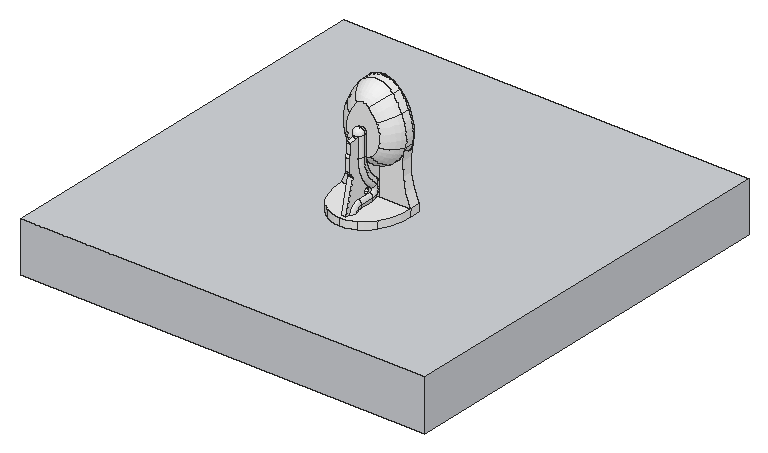
Revit family
Parameters (values of type "Vitreous_China-0-White")
  Width = 1' - 4 1/2"
  Waste Connection = yes
  Valve Pressure Drop = 0.00 psi
  URL = "http://www.us.kohler.com"
  Top of Toilet to Finished Floor = 1' - 3"
  Spud = Chrome-Kohler-CP-Polished
  Seat = "Order Separately"  # constant formula
  Sanitary Radius = 1 1/4"
  Sanitary Diameter = Sanitary Radius * 2  # 2 1/2"
  Sanitary Connector = "Sanitary Connection"  # constant formula
  Product Page URL = "http://www.us.kohler.com/onlinecatalog/detail.jsp?prod_num=4323"
  Product Documentation Link = "http://www.us.kohler.com/onlinecatalog/pdf/1119268_4.pdf"
  Model = "K-4323"  # constant formula
  Manufacturer = "Kohler"  # constant formula
  Length = 2' - 2 1/2"
  Height = 1' - 1 1/4"
  Flush Rate = 1.28 GPM
  Finish = Vitreous_China-Kohler-0-White
  Description = "Kingston™ 1.28 Toilet Bowl with Rear Spud\r\n"  # constant formula
  Default Elevation = 0' - 0"
  Created By = "http://www.medialab3dstudio.com/"
  Cold Water Radius = 3/4"
  Cold Water Diameter = Cold Water Radius * 2  # 1 1/2"
  Cold Water Connector = "Cold Water Connector"  # constant formula
  CWFU = 0
  CW Connection = yes
  Assembly Code = "D2010110"
  Actual Valve Water Flow = 0 GPM
  ADA Compliant = yes
Types (7): name | Finish
  (no name) | Vitreous_China-Kohler-0-White
  Vitreous_China-0-White | Vitreous_China-Kohler-0-White
  Vitreous_China-7-Black_Black | Vitreous_China-Kohler-7-Black_Black
  Vitreous_China-33-Mexican_Sand | Vitreous_China-Kohler-33-Mexican_Sand
  Vitreous_China-47-Almond | Vitreous_China-Kohler-47-Almond
  Vitreous_China-96-Biscuit | Vitreous_China-Kohler-96-Biscuit
  Vitreous_China-G9-Sandbar | Vitreous_China-Kohler-G9-Sandbar
Reference planes (in)
  plane 1 "Top": y = 0
  plane 2 "Back": z = 0
  plane 3 "Center (Left/Right)": x = 0
  plane 4 "Left": x = -8.25
  plane 5 "Right": x = 8.25
  plane 6 "Center (Top/Bottom)": y = -6.625
  plane 7 "Bottom of Toilet": y = -13.25
  plane 8 "Front": z = 26.5625
  plane 9 "Center (Front/Back)": z = 13.3125
  plane 10 "Toilet Offset": z = 0.0625
  plane 11: y = -6.28121
  plane 12: y = -6.14168
  plane 13: z = 23.3296
  plane 14: z = 20.39426
  plane 15: z = 14.67575
  plane 16: z = 11.23743
  plane 17: x = -2.30359
  plane 18: x = 2.30359
  plane 19: x = -4.20983
  plane 20: x = 4.20983
  plane 21: x = -4.81086
  plane 22: x = 4.81086
  plane 23: x = -2.31278
  plane 24: x = 2.31278
  plane 25: z = 14.24386
  plane 26: z = 1.6875
  plane 27: y = -2.30334
  plane 28: y = 1.71956
  plane 29: x = -1
  plane 30: x = -0.5
  plane 31: x = 0.5
  plane 32: x = 1
  plane 33: y = 0.71956
  plane 34: y = 1.21956
  plane 35: y = 2.21956
  plane 36: y = 2.71956
  plane 37: z = -0.79878
  plane 38: z = -1.39323
  plane 39: z = -1.92448
  plane 40: x = -2.09693
  plane 41: y = 1.54122
  plane 42: x = -0.5
  plane 43: x = 0.5
  plane 44: y = -7.48796
  plane 45: z = 17.22993
  plane 46: y = -12.3124
  plane 47: x = -6.27859
  plane 48: x = -3.62694
  plane 49: x = 3.62694
  plane 50: x = 6.27859
  plane 51: y = -9.66075
  plane 52: x = 6.72668
  plane 53: x = -6.72668
  plane 54: y = 3.62878
  plane 55: z = 9.08201
  plane 56: z = 8.5634
  plane 57: z = 9.86879
  plane 58: z = 10.33642
  plane 59: z = 13.98218
  plane 60: z = 16.39735
  plane 61: z = 16.49937
  plane 62: z = 17.22993
  plane 63: z = 11.78462
  plane 64: y = -5.87419
  plane 65: z = 4.40794
  plane 66: y = -12.1155
  plane 67: y = -10.10687
  plane 68: y = -10.2456
  plane 69: y = -10.42442
  plane 70: y = -10.89667
  plane 71: y = -10.51003
  plane 72: z = 1.1875
  plane 73: z = 2.6875
  plane 74: z = 5.36778
  plane 75: z = 12.65074
  plane 76: y = -7.48796
  plane 77: y = -3.88771
  plane 78: y = -5.12344
  plane 79: y = -8.5
  plane 80: y = -10
  plane 81: y = -10
  plane 82: z = 17.22993
  plane 83: y = -8.73796
  plane 84: y = -6.23796
  plane 85: x = -1.25
  plane 86: x = 1.25
  plane 87: x = 1
  plane 88: x = 0.75
  plane 89: x = -0.75
  plane 90: x = -1
  plane 91: x = -1.25
  plane 92: x = -0.32597
  plane 93: x = 0.32597
  plane 94: z = 2.14995
  plane 95: z = 26.46032
  plane 96: z = 23.23909
  plane 97: z = 17.5559
  plane 98: z = 16.49937
  plane 99: z = 16.39735
  plane 100: z = 26.222
  plane 101: x = -6.86529
  plane 102: x = -7.22069
  plane 103: x = -7.11861
  plane 104: x = -3.89721
  plane 105: x = 3.89721
  plane 106: x = 7.11861
  plane 107: x = 7.22069
  plane 108: x = 6.86529
  plane 109: y = -0.3554
  plane 110: y = 0.46956
  plane 111: y = 0.71956
  plane 112: y = 0.96956
  plane 113: y = 2.46956
  plane 114: y = 2.71956
  plane 115: y = 2.96956
  plane 116 "Bottom": y = -15
Forms (in)
  Extrusion 1, solid
    sketch origin (0, 0, 0) x (1, 0, 0) y (0, 1, 0)
      loop
        line (-48, 48) -> (-48, -48) -> (48, -48) -> (48, 48) -> (-48, 48)
    from 0 to -12
  Sweep 2, solid, material "Vitreous_China-Kohler-0-White" <- "Finish"
    path origin (0, 0, -0.29434) x (1, 0, 0) y (0, 0, 1)
      loop
        arc (4.81086, 14.9701) -> (4.98123, 17.87884) -> (4.20983, 20.6886) r 8.96533
        arc (4.20983, 20.6886) -> (3.36315, 22.22539) -> (2.30359, 23.62395) r 12.12865
        arc (2.30359, 23.62395) -> (0, 24.66657) -> (-2.30359, 23.62395) r 3.06609
        arc (-2.30359, 23.62395) -> (-3.36315, 22.22539) -> (-4.20983, 20.6886) r 12.12865
        arc (-4.20983, 20.6886) -> (-4.98123, 17.87884) -> (-4.81086, 14.9701) r 8.96533
        arc (-4.81086, 14.9701) -> (-3.91621, 12.99345) -> (-2.31278, 11.53178) r 5.37321
        arc (-2.31278, 11.53178) -> (0, 10.89681) -> (2.31278, 11.53178) r 4.5295
        arc (2.31278, 11.53178) -> (3.91621, 12.99345) -> (4.81086, 14.9701) r 5.37321
    profile origin (4.98123, 0, 17.5845) x (-0.994522, 0, -0.104528) y (0, -1, 0)
      loop
        line (-1.83672, 0) -> (-0.46172, 0)
        arc (-0.46172, 0) -> (-0.37333, 0.03661) -> (-0.33672, 0.125) r 0.125
        line (-0.33672, 0.125) -> (-0.33672, 0.5) -> (-0.46172, 0.5) -> (-0.46172, 0.1243) -> (-1.83685, 0.1243)
        arc (-1.83685, 0.1243) -> (-1.99817, 0.19112) -> (-2.06499, 0.35244) r 0.22814
        line (-2.06499, 0.35244) -> (-1.96389, 2.28462)
        arc (-1.96389, 2.28462) -> (-0.83518, 4.55024) -> (1.13314, 6.14168) r 5.95017
        line (1.13314, 6.14168) -> (1.13314, 6.28121)
        arc (1.13314, 6.28121) -> (-0.91686, 4.64808) -> (-2.08808, 2.30334) r 6.07517
        line (-2.08808, 2.30334) -> (-2.19027, 0.35355)
        arc (-2.19027, 0.35355) -> (-2.08672, 0.10355) -> (-1.83672, 0) r 0.35355
  Extrusion 3, solid, material "Vitreous_China-Kohler-0-White" <- "Finish"
    sketch origin (0, 0, 0) x (1, 0, 0) y (0, 0, 1)
      loop
        arc (-1.45225, 22.58179) -> (-2.41282, 21.3139) -> (-3.18039, 19.92068) r 10.99551
        arc (-3.18039, 19.92068) -> (-3.8543, 17.46605) -> (-3.70547, 14.92495) r 7.83219
        arc (-3.70547, 14.92495) -> (-2.99949, 13.36515) -> (-1.73419, 12.21172) r 4.24007
        arc (-1.73419, 12.21172) -> (0, 11.73561) -> (1.73419, 12.21172) r 3.39636
        arc (1.73419, 12.21172) -> (2.99949, 13.36515) -> (3.70547, 14.92495) r 4.24007
        arc (3.70547, 14.92495) -> (3.8543, 17.46605) -> (3.18039, 19.92068) r 7.83219
        arc (3.18039, 19.92068) -> (2.41282, 21.3139) -> (1.45225, 22.58179) r 10.99551
        arc (1.45225, 22.58179) -> (0, 23.23909) -> (-1.45225, 22.58179) r 1.93296
    from 6.14168 to 6.28121
  Extrusion 4, solid, material "Vitreous_China-Kohler-0-White" <- "Finish"
    sketch origin (0, 0, 0) x (1, 0, 0) y (0, 0, 1)
      loop
        arc (3.31555, 9.54884) -> (0, 8.63858) -> (-3.31555, 9.54884) r 6.49339
        arc (-3.31555, 9.54884) -> (-5.50504, 11.54476) -> (-6.72668, 14.24386) r 7.3371
        arc (-6.72668, 14.24386) -> (-6.40271, 7.83398) -> (-8.25, 1.6875) r 18.8332
        line (-8.25, 1.6875) -> (-8.25, 0.0625) -> (8.25, 0.0625) -> (8.25, 1.6875)
        arc (8.25, 1.6875) -> (6.40271, 7.83398) -> (6.72668, 14.24386) r 18.8332
        arc (6.72668, 14.24386) -> (5.50504, 11.54476) -> (3.31555, 9.54884) r 7.3371
    from 0 to 2.30334
  Extrusion 5, solid, material "Vitreous_China-Kohler-0-White" <- "Finish"
    sketch origin (0, 0, 0) x (1, 0, 0) y (0, 1, 0)
      loop
        arc (-8.25, -2.30334) -> (-7.7394, -6.10935) -> (-6.27859, -9.66075) r 14.99019
        arc (-6.27859, -9.66075) -> (-5.13063, -11.16444) -> (-3.62694, -12.3124) r 7.11394
        arc (-3.62694, -12.3124) -> (-1.87308, -13.01181) -> (0, -13.25) r 7.48388
        arc (0, -13.25) -> (1.87308, -13.01181) -> (3.62694, -12.3124) r 7.48388
        arc (3.62694, -12.3124) -> (5.13063, -11.16444) -> (6.27859, -9.66075) r 7.11394
        arc (6.27859, -9.66075) -> (7.7394, -6.10935) -> (8.25, -2.30334) r 14.99019
        line (8.25, -2.30334) -> (-8.25, -2.30334)
    from 0.0625 to 1.6875
  Extrusion 6, solid, material "Chrome-Kohler-CP-Polished" <- "Spud"
    sketch origin (0, 0, 0) x (1, 0, 0) y (0, 1, 0)
      loop
        arc (-0.75, 1.71956) -> (-0.53033, 1.18923) -> (0, 0.96956) r 0.75
        arc (0, 0.96956) -> (0.53033, 1.18923) -> (0.75, 1.71956) r 0.75
        arc (0.75, 1.71956) -> (0.53033, 2.24989) -> (0, 2.46956) r 0.75
        arc (0, 2.46956) -> (-0.53033, 2.24989) -> (-0.75, 1.71956) r 0.75
    from -1.92448 to -1.39323
  Extrusion 7, solid, material "Chrome-Kohler-CP-Polished" <- "Spud"
    sketch origin (0, 0, 0) x (1, 0, 0) y (0, 1, 0)
      loop
        line (0.5, 2.71956) -> (-0.5, 2.71956) -> (-1, 2.21956) -> (-1, 1.21956) -> (-0.5, 0.71956) -> (0.5, 0.71956) -> (1, 1.21956) -> (1, 2.21956) -> (0.5, 2.71956)
    from -1.39323 to -0.79878
  Extrusion 8, solid, material "Chrome-Kohler-CP-Polished" <- "Spud"
    sketch origin (0, 0, 0) x (1, 0, 0) y (0, 1, 0)
      loop
        arc (-1.25, 1.71956) -> (-0.88388, 0.83568) -> (0, 0.46956) r 1.25
        arc (0, 0.46956) -> (0.88388, 0.83568) -> (1.25, 1.71956) r 1.25
        arc (1.25, 1.71956) -> (0.88388, 2.60344) -> (0, 2.96956) r 1.25
        arc (0, 2.96956) -> (-0.88388, 2.60344) -> (-1.25, 1.71956) r 1.25
    from -0.79878 to 0.0625
  Revolve 9, solid, material "Vitreous_China-Kohler-0-White" <- "Finish"
    sketch origin (0, 0, 0.0625) x (1, 0, 0) y (0, 1, 0)
      loop
        line (0, 0) -> (0, 3.62878)
        arc (0, 3.62878) -> (-1.48218, 3.02066) -> (-2.09693, 1.54122) r 2.08758
        line (-2.09693, 1.54122) -> (-2.09693, 0) -> (0, 0)
      axis (0, 3.62878) -> (0, 0)
    angle from 0 to -180
  Extrusion 10, solid, material "Vitreous_China-Kohler-0-White" <- "Finish"
    sketch origin (0, 0, 0) x (0, 1, 0) y (0, 0, 1)
      loop
        line (-12.1155, 1.6875) -> (-2.30334, 1.6875) -> (-2.30334, 8.5634)
        arc (-2.30334, 8.5634) -> (-4.64024, 9.7443) -> (-6.28121, 11.78462) r 6.19947
        line (-6.28121, 11.78462) -> (-6.28121, 17.22993) -> (-10.42442, 16.49937)
        arc (-10.42442, 16.49937) -> (-10.48579, 16.46393) -> (-10.51003, 16.39735) r 0.10359
        line (-10.51003, 16.39735) -> (-10.51003, 13.98218)
        arc (-10.51003, 13.98218) -> (-10.7933, 13.69927) -> (-10.89667, 13.3125) r 0.77158
        line (-10.89667, 13.3125) -> (-10.89667, 10.33642)
        arc (-10.89667, 10.33642) -> (-10.7597, 10.00576) -> (-10.42904, 9.86879) r 0.46763
        line (-10.42904, 9.86879) -> (-10.2456, 9.86879)
        arc (-10.2456, 9.86879) -> (-10.1998, 9.47125) -> (-10.10687, 9.08201) r 3.3458
        line (-10.10687, 9.08201) -> (-12.1155, 1.6875)
      loop
        arc (-6.62419, 4.40794) -> (-6.40452, 3.87761) -> (-5.87419, 3.65794) r 0.75
        arc (-5.87419, 3.65794) -> (-5.34386, 3.87761) -> (-5.12419, 4.40794) r 0.75
        arc (-5.12419, 4.40794) -> (-5.34386, 4.93827) -> (-5.87419, 5.15794) r 0.75
        arc (-5.87419, 5.15794) -> (-6.40452, 4.93827) -> (-6.62419, 4.40794) r 0.75
    from -0.5 to 0.5
  Sweep 11, solid, material "Vitreous_China-Kohler-0-White" <- "Finish"
    path origin (0, 0, 0) x (0, 1, 0) y (0, 0, 1)
      loop
        line (-10, 0) -> (-10, 1.1875)
        arc (-10, 1.1875) -> (-9.56066, 2.24816) -> (-8.5, 2.6875) r 1.5
        line (-8.5, 2.6875) -> (-5.12344, 2.6875)
        arc (-5.12344, 2.6875) -> (-3.64773, 3.63213) -> (-3.88771, 5.36778) r 1.625
        arc (-3.88771, 5.36778) -> (-6.53875, 8.58862) -> (-7.48796, 12.65074) r 9.16651
        line (-7.48796, 12.65074) -> (-7.48796, 17.22993)
    profile origin (0, -10, 0.59375) x (0, -1, 0) y (1, 0, 0)
      loop
        arc (0, -1.25) -> (0.88388, -0.88388) -> (1.25, 0) r 1.25
        arc (1.25, 0) -> (0.88388, 0.88388) -> (0, 1.25) r 1.25
        arc (0, 1.25) -> (-0.88388, 0.88388) -> (-1.25, 0) r 1.25
        arc (-1.25, 0) -> (-0.88388, -0.88388) -> (0, -1.25) r 1.25
  Revolve 12, solid, material "Vitreous_China-Kohler-0-White" <- "Finish"
    sketch origin (0, 0, 17.22993) x (1, 0, 0) y (0, 1, 0)
      loop
        arc (0, -6.23796) -> (-0.88388, -6.60408) -> (-1.25, -7.48796) r 1.25
        arc (-1.25, -7.48796) -> (-0.88388, -8.37184) -> (0, -8.73796) r 1.25
        line (0, -8.73796) -> (0, -6.23796)
      axis (0, -6.23796) -> (0, -8.73796)
    angle from 0 to -180
Cuts and joins
  joined: Sweep 2, Extrusion 3
Lines and regions (in)
  Masking region 1, detail levels coarse
    outline origin (0, 0, 0) x (1, 0, 0) y (0, 0, 1)
      loop
        line (8.25, 26.5625) -> (-8.25, 26.5625) -> (-8.25, 0.0625) -> (8.25, 0.0625) -> (8.25, 26.5625)
  Masking region 2, detail levels medium+fine
    outline origin (0, -6.625, 0) x (1, 0, 0) y (0, 0, 1)
      loop
        arc (5.99398, 21.21503) -> (5.01021, 23.00066) -> (3.77908, 24.62567) r 14.09254
        arc (3.77908, 24.62567) -> (0, 26.33612) -> (-3.77908, 24.62567) r 5.02999
        arc (-3.77908, 24.62567) -> (-5.01021, 23.00066) -> (-5.99398, 21.21503) r 14.09254
        arc (-5.99398, 21.21503) -> (-6.93437, 17.78978) -> (-6.72668, 14.24386) r 10.92922
        arc (-6.72668, 14.24386) -> (-6.40271, 7.83398) -> (-8.25, 1.6875) r 18.8332
        line (-8.25, 1.6875) -> (-8.25, 0.0625) -> (-1.25, 0.0625) -> (-1.25, -0.79878) -> (-1, -0.79878) -> (-1, -1.39323) -> (-0.75, -1.39323) -> (-0.75, -1.92448) -> (0.75, -1.92448) -> (0.75, -1.39323) -> (1, -1.39323) -> (1, -0.79878) -> (1.25, -0.79878) -> (1.25, 0.0625) -> (8.25, 0.0625) -> (8.25, 1.6875)
        arc (8.25, 1.6875) -> (6.40271, 7.83398) -> (6.72668, 14.24386) r 18.8332
        arc (6.72668, 14.24386) -> (6.93437, 17.78978) -> (5.99398, 21.21503) r 10.92922
  Masking region 3, detail levels fine
    outline origin (0, 0, 0) x (1, 0, 0) y (0, 0, 1)
      loop
        arc (4.51572, 20.53498) -> (3.64554, 22.11444) -> (2.55657, 23.55182) r 12.46536
        arc (2.55657, 23.55182) -> (0, 24.70895) -> (-2.55657, 23.55182) r 3.40281
        arc (-2.55657, 23.55182) -> (-3.64554, 22.11444) -> (-4.51572, 20.53498) r 12.46536
        arc (-4.51572, 20.53498) -> (-5.3161, 17.61969) -> (-5.13934, 14.60171) r 9.30205
        arc (-5.13934, 14.60171) -> (-4.18862, 12.50119) -> (-2.48471, 10.94792) r 5.70992
        arc (-2.48471, 10.94792) -> (0, 10.26575) -> (2.48471, 10.94792) r 4.86621
        arc (2.48471, 10.94792) -> (4.18862, 12.50119) -> (5.13934, 14.60171) r 5.70992
        arc (5.13934, 14.60171) -> (5.3161, 17.61969) -> (4.51572, 20.53498) r 9.30205
  Masking region 4, detail levels fine
    outline origin (0, 0, 0) x (1, 0, 0) y (0, 0, 1)
      loop
        arc (1.45225, 22.58179) -> (0, 23.23909) -> (-1.45225, 22.58179) r 1.93296
        arc (-1.45225, 22.58179) -> (-2.41282, 21.3139) -> (-3.18039, 19.92068) r 10.99551
        arc (-3.18039, 19.92068) -> (-3.8543, 17.46605) -> (-3.70547, 14.92495) r 7.83219
        arc (-3.70547, 14.92495) -> (-2.99949, 13.36515) -> (-1.73419, 12.21172) r 4.24007
        arc (-1.73419, 12.21172) -> (0, 11.73561) -> (1.73419, 12.21172) r 3.39636
        arc (1.73419, 12.21172) -> (2.99949, 13.36515) -> (3.70547, 14.92495) r 4.24007
        arc (3.70547, 14.92495) -> (3.8543, 17.46605) -> (3.18039, 19.92068) r 7.83219
        arc (3.18039, 19.92068) -> (2.41282, 21.3139) -> (1.45225, 22.58179) r 10.99551
  Masking region 5, detail levels coarse
    outline origin (0, 0, 0) x (1, 0, 0) y (0, 1, 0)
      loop
        line (-8.25, 0) -> (-8.25, -13.25) -> (8.25, -13.25) -> (8.25, 0) -> (-8.25, 0)
  Masking region 6, detail levels medium+fine
    outline origin (0, 0, 13.3125) x (-1, 0, 0) y (0, -1, 0)
      loop
        arc (6.27859, 9.66075) -> (5.13063, 11.16444) -> (3.62694, 12.3124) r 7.11394
        arc (3.62694, 12.3124) -> (1.87308, 13.01181) -> (0, 13.25) r 7.48388
        arc (0, 13.25) -> (-1.87308, 13.01181) -> (-3.62694, 12.3124) r 7.48388
        arc (-3.62694, 12.3124) -> (-5.13063, 11.16444) -> (-6.27859, 9.66075) r 7.11394
        arc (-6.27859, 9.66075) -> (-7.7394, 6.10935) -> (-8.25, 2.30334) r 14.99019
        line (-8.25, 2.30334) -> (-8.25, 0) -> (-2.09693, 0) -> (-2.09693, -1.54122)
        arc (-2.09693, -1.54122) -> (-1.48218, -3.02066) -> (0, -3.62878) r 2.08758
        arc (0, -3.62878) -> (1.48218, -3.02066) -> (2.09693, -1.54122) r 2.08758
        line (2.09693, -1.54122) -> (2.09693, 0) -> (8.25, 0) -> (8.25, 2.30334)
        arc (8.25, 2.30334) -> (7.7394, 6.10935) -> (6.27859, 9.66075) r 14.99019
  Masking region 7, detail levels fine
    outline origin (0, 0, 26.5625) x (-1, 0, 0) y (0, -1, 0)
      loop
        line (7.22069, 0.3554) -> (7.11861, 2.30334)
        arc (7.11861, 2.30334) -> (5.94543, 4.6466) -> (3.89721, 6.28121) r 6.09873
        line (3.89721, 6.28121) -> (-3.89721, 6.28121)
        arc (-3.89721, 6.28121) -> (-5.94543, 4.6466) -> (-7.11861, 2.30334) r 6.09873
        line (-7.11861, 2.30334) -> (-7.22069, 0.3554)
        arc (-7.22069, 0.3554) -> (-7.1166, 0.10409) -> (-6.86529, 0) r 0.3554
        line (-6.86529, 0) -> (6.86529, 0)
        arc (6.86529, 0) -> (7.1166, 0.10409) -> (7.22069, 0.3554) r 0.3554
  Masking region 8, detail levels fine
    outline origin (0, 0, 26.5625) x (-1, 0, 0) y (0, -1, 0)
      loop
        arc (0, 8.73796) -> (-0.88388, 8.37184) -> (-1.25, 7.48796) r 1.25
        arc (-1.25, 7.48796) -> (-0.99246, 6.72802) -> (-0.32597, 6.28121) r 1.25
        line (-0.32597, 6.28121) -> (0.32597, 6.28121)
        arc (0.32597, 6.28121) -> (0.99246, 6.72802) -> (1.25, 7.48796) r 1.25
        arc (1.25, 7.48796) -> (0.88388, 8.37184) -> (0, 8.73796) r 1.25
  Masking region 9, detail levels fine
    outline origin (0, 0, 0) x (1, 0, 0) y (0, 1, 0)
      loop
        arc (-0.75, 1.71956) -> (-0.53033, 1.18923) -> (0, 0.96956) r 0.75
        arc (0, 0.96956) -> (0.53033, 1.18923) -> (0.75, 1.71956) r 0.75
        arc (0.75, 1.71956) -> (0.53033, 2.24989) -> (0, 2.46956) r 0.75
        arc (0, 2.46956) -> (-0.53033, 2.24989) -> (-0.75, 1.71956) r 0.75
  Masking region 10, detail levels fine
    outline origin (0, 0, 0) x (1, 0, 0) y (0, 1, 0)
      loop
        line (-1, 2.21956) -> (-1, 1.21956) -> (-0.5, 0.71956) -> (0.5, 0.71956) -> (1, 1.21956) -> (1, 2.21956) -> (0.5, 2.71956) -> (-0.5, 2.71956) -> (-1, 2.21956)
  Masking region 11, detail levels fine
    outline origin (0, 0, 0) x (1, 0, 0) y (0, 1, 0)
      loop
        arc (0, 2.96956) -> (-0.88388, 2.60344) -> (-1.25, 1.71956) r 1.25
        arc (-1.25, 1.71956) -> (-0.88388, 0.83568) -> (0, 0.46956) r 1.25
        arc (0, 0.46956) -> (0.88388, 0.83568) -> (1.25, 1.71956) r 1.25
        arc (1.25, 1.71956) -> (0.88388, 2.60344) -> (0, 2.96956) r 1.25
  Masking region 12, detail levels medium+fine
    outline origin (0, 0, 0) x (0, 1, 0) y (0, 0, 1)
      loop
        arc (-10.2456, 9.86879) -> (-10.1998, 9.47125) -> (-10.10687, 9.08201) r 3.3458
        line (-10.10687, 9.08201) -> (-12.1155, 1.6875) -> (-13.25, 1.6875) -> (-13.25, 0.0625) -> (0.46956, 0.0625) -> (0.46956, -0.79878) -> (0.71956, -0.79878) -> (0.71956, -1.39323) -> (0.96956, -1.39323) -> (0.96956, -1.92448) -> (2.46956, -1.92448) -> (2.46956, -1.39323) -> (2.71956, -1.39323) -> (2.71956, -0.79878) -> (2.96956, -0.79878) -> (2.96956, 0.0625) -> (3.6288, 0.0625)
        arc (3.6288, 0.0625) -> (3.08703, 1.48383) -> (1.71956, 2.14995) r 2.06766
        line (1.71956, 2.14995) -> (0, 2.14995) -> (0, 26.222)
        arc (0, 26.222) -> (-0.10437, 26.46743) -> (-0.35355, 26.5625) r 0.34074
        line (-0.35355, 26.5625) -> (-2.30334, 26.46032)
        arc (-2.30334, 26.46032) -> (-4.64733, 25.28816) -> (-6.28121, 23.23909) r 6.0869
        line (-6.28121, 23.23909) -> (-6.28121, 17.5559)
        arc (-6.28121, 17.5559) -> (-7.65238, 18.46907) -> (-8.73796, 17.22993) r 1.25
        line (-8.73796, 17.22993) -> (-8.73796, 16.79674) -> (-10.42442, 16.49937)
        arc (-10.42442, 16.49937) -> (-10.48579, 16.46393) -> (-10.51003, 16.39735) r 0.10359
        line (-10.51003, 16.39735) -> (-10.51003, 13.98218)
        arc (-10.51003, 13.98218) -> (-10.7933, 13.69927) -> (-10.89667, 13.3125) r 0.77158
        line (-10.89667, 13.3125) -> (-10.89667, 10.33642)
        arc (-10.89667, 10.33642) -> (-10.7597, 10.00576) -> (-10.42904, 9.86879) r 0.46763
        line (-10.42904, 9.86879) -> (-10.2456, 9.86879)
  Masking region 13, detail levels coarse
    outline origin (0, 0, 0) x (0, 1, 0) y (0, 0, 1)
      loop
        line (-13.25, 26.5625) -> (-13.25, 0.0625) -> (0, 0.0625) -> (0, 26.5625) -> (-13.25, 26.5625)
  Masking region 14, detail levels fine
    outline origin (0, 0, 0) x (1, 0, 0) y (0, 0, 1)
      loop
        arc (2.09693, 0.0625) -> (0, 2.15943) -> (-2.09693, 0.0625) r 2.09693
        line (-2.09693, 0.0625) -> (2.09693, 0.0625)
  Masking region 15, detail levels fine
    outline origin (0, 0, 0) x (1, 0, 0) y (0, 1, 0)
      loop
        arc (-1.25, -10) -> (-0.88388, -10.88388) -> (0, -11.25) r 1.25
        arc (0, -11.25) -> (0.88388, -10.88388) -> (1.25, -10) r 1.25
        arc (1.25, -10) -> (0.88388, -9.11612) -> (0, -8.75) r 1.25
        arc (0, -8.75) -> (-0.88388, -9.11612) -> (-1.25, -10) r 1.25
  symbolic lines, style "Masking Lines", detail levels fine
    curve 1: line (-1, 0, -0.79878) -> (1, 0, -0.79878)
    curve 2: line (-0.75, 0, -1.39323) -> (0.75, 0, -1.39323)
    curve 3: line (0.5, 0, -1.39323) -> (0.5, 0, -0.79878)
    curve 4: line (-0.5, 0, -1.39323) -> (-0.5, 0, -0.79878)
    curve 5: line (-1.25, 0, 0) -> (1.25, 0, 0)
    curve 6: line (-0.5, -8.63361, 26.5625) -> (-0.5, -12.1155, 26.5625)
    curve 7: line (-0.5, -12.1155, 26.5625) -> (0.5, -12.1155, 26.5625)
    curve 8: line (0.5, -12.1155, 26.5625) -> (0.5, -8.63361, 26.5625)
    curve 9: line (0.5, -10.51003, 26.5625) -> (-0.5, -10.51003, 26.5625)
    curve 10: line (0.5, -10.89667, 26.5625) -> (-0.5, -10.89667, 26.5625)
    curve 11: line (-0.5, -6.28121, 26.5625) -> (-0.5, -6.35356, 26.5625)
    curve 12: line (0.5, -6.28121, 26.5625) -> (0.5, -6.35363, 26.5625)
    curve 13: line (-1.25, 0, 0.0625) -> (1.25, 0, 0.0625)
    curve 14: arc (-0.5, -11.14564, 26.5625) -> (-1.04583, -10.68465, 26.5625) -> (-1.25, -10, 26.5625) r 1.25
    curve 15: arc (1.25, -10, 26.5625) -> (1.04583, -10.68465, 26.5625) -> (0.5, -11.14564, 26.5625) r 1.25
    curve 16: line (-1.25, -6.28121, 26.5625) -> (-1.25, -10, 26.5625)
    curve 17: line (1.25, -6.28121, 26.5625) -> (1.25, -10, 26.5625)
    curve 18: line (0, -12.1155, 1.6875) -> (0, -2.30334, 1.6875)
    curve 19: arc (0, -11.19895, 1.6875) -> (0, -10.30593, 3.26807) -> (0, -8.61646, 3.93243) r 2.71475
    curve 20: line (0, -8.61646, 3.93243) -> (0, -5.11646, 3.93243)
    curve 21: arc (0, -5.11646, 3.93243) -> (0, -4.80004, 4.10837) -> (0, -4.78253, 4.46999) r 0.3725
    curve 22: line (0, -8.73796, 16.79674) -> (0, -8.73796, 12.47176)
    curve 23: arc (0, -8.73796, 12.47176) -> (0, -7.69511, 8.00875) -> (0, -4.78253, 4.46999) r 10.07145
    curve 24: line (0, -6.28121, 17.5559) -> (0, -6.28121, 11.73561)
    curve 25: arc (0, -6.28121, 11.73561) -> (0, -4.64808, 9.68561) -> (0, -2.30334, 8.51439) r 6.07515
    curve 26: line (0, -2.30334, 26.46032) -> (0, -2.30334, 0.0625)
    curve 27: arc (0, -6.14168, 11.46769) -> (0, -5.11484, 8.56795) -> (0, -3.04163, 6.29535) r 7.75699
    curve 28: arc (0, -3.04163, 6.29535) -> (0, -2.57747, 5.65161) -> (0, -2.30334, 4.90682) r 2.92652
    curve 29: arc (0, -3.94497, 1.6875) -> (0, -2.88776, 2.5097) -> (0, -2.30334, 3.71475) r 2.94843
    curve 30: arc (0, -5.87419, 5.15794) -> (0, -6.40452, 4.93827) -> (0, -6.62419, 4.40794) r 0.75
    curve 31: arc (0, -6.62419, 4.40794) -> (0, -6.58041, 4.15544) -> (0, -6.45418, 3.93243) r 0.75
    curve 32: arc (0, -5.29421, 3.93243) -> (0, -5.16797, 4.15544) -> (0, -5.12419, 4.40794) r 0.75
    curve 33: arc (0, -5.12419, 4.40794) -> (0, -5.34386, 4.93827) -> (0, -5.87419, 5.15794) r 0.75
    curve 34: line (0, 2.96956, 0.0625) -> (0, 0.46956, 0.0625)
    curve 35: line (0, 2.71956, -0.79878) -> (0, 0.71956, -0.79878)
    curve 36: line (0, 0.96956, -1.39323) -> (0, 2.46956, -1.39323)
    curve 37: line (0, 1.21956, -0.79878) -> (0, 1.21956, -1.39323)
    curve 38: line (0, 2.21956, -0.79878) -> (0, 2.21956, -1.39323)
Dimensions and locks (in)
  equal spacing: plane 7 "Bottom of Toilet", plane 6 "Center (Top/Bottom)", plane 1 "Top"
  equal spacing: plane 4 "Left", plane 3 "Center (Left/Right)", plane 5 "Right"
  "Width": plane 4 "Left" to plane 5 "Right"
  "Height": plane 7 "Bottom of Toilet" to plane 1 "Top"
  locked: plane 2 "Back" to plane 10 "Toilet Offset" at 0.0625
  equal spacing: plane 10 "Toilet Offset", plane 9 "Center (Front/Back)", plane 8 "Front"
  "Length": plane 10 "Toilet Offset" to plane 8 "Front"
  plane 4 "Left" to plane 21 to plane 19 to plane 17 = 0' - 3.43914" locked, 0' - 0.60104" locked, 0' - 1 29/32" locked
  plane 18 to plane 20 to plane 22 = 0' - 1 29/32" locked, 0' - 0.60104" locked
  plane 15 to plane 16 to plane 10 "Toilet Offset" = 0' - 3.43832" locked, 0' - 11.17493" locked
  plane 8 "Front" to plane 13 to plane 14 = 0' - 3.2329" locked, 0' - 2.93535" locked
  locked: plane 5 "Right" to plane 24 at 5.93722
  locked: plane 23 to plane 4 "Left" at 5.93722
  plane 10 "Toilet Offset" to plane 25 = 1' - 2.18136"
  locked: plane 10 "Toilet Offset" to plane 26 at 1.625
  locked: plane 1 "Top" to plane 27 at 2.30334
  plane 28 to plane 35 to plane 36 = 0' - 0 1/2" locked, 0' - 0 1/2" locked
  plane 1 "Top" to plane 33 to plane 34 = 0' - 0.71956" locked, 0' - 0 1/2" locked
  plane 31 to plane 32 to plane 5 "Right" = 0' - 0 1/2" locked, 0' - 7 1/4" locked
  plane 4 "Left" to plane 29 to plane 30 = 0' - 7 1/4" locked, 0' - 0 1/2" locked
  locked: plane 28 to plane 1 "Top" at 1.71956  (x2)
  plane 2 "Back" to plane 37 to plane 38 to plane 39 = 0' - 0.79878" locked, 0' - 0.59445" locked, 0' - 0 17/32" locked
  plane 7 "Bottom of Toilet" to plane 46 to plane 51 = 0' - 0.9376" locked, 0' - 2.65165" locked
  plane 4 "Left" to plane 47 to plane 48 = 0' - 1.97141" locked, 0' - 2.65165" locked
  plane 49 to plane 50 to plane 5 "Right" = 0' - 2.65165" locked, 0' - 1.97141" locked
  locked: plane 52 to plane 5 "Right" at 1.52332
  locked: plane 4 "Left" to plane 53 at 1.52332
  locked: plane 40 to plane 3 "Center (Left/Right)" at 2.09693
  plane 1 "Top" to plane 41 to plane 54 = 0' - 1.54122" locked, 0' - 2.08756" locked
  locked: plane 64 to plane 27 at 3.57086
  locked: plane 10 "Toilet Offset" to plane 65 at 4.34544
  plane 10 "Toilet Offset" to plane 56 to plane 55 to plane 57 to plane 58 to plane 63 to plane 59 to plane 60 to plane 61 to plane 62 = 0' - 8.5009" locked, 0' - 0.51862" locked, 0' - 0.78678" locked, 0' - 0.46763" locked, 0' - 1.44819" locked, 0' - 2.19756" locked, 0' - 2.41517" locked, 0' - 0.10202" locked, 0' - 0.73056" locked
  plane 7 "Bottom of Toilet" to plane 66 to plane 70 to plane 71 to plane 69 to plane 68 to plane 67 = 0' - 1.1345" locked, 0' - 1.21883" locked, 0' - 0.38664" locked, 0' - 0.08561" locked, 0' - 0.17883" locked, 0' - 0.13873" locked
  plane 75 to plane 45 to plane 8 "Front" = 0' - 4.57918" locked, 0' - 9.33257" locked
  plane 10 "Toilet Offset" to plane 72 to plane 73 to plane 74 = 0' - 1 1/8" locked, 0' - 1 1/2" locked, 0' - 2.68028" locked
  plane 7 "Bottom of Toilet" to plane 80 to plane 79 to plane 76 = 0' - 3 1/4" locked, 0' - 1 1/2" locked, 0' - 1.01204" locked
  plane 78 to plane 77 to plane 1 "Top" = 0' - 1.23572" locked, 0' - 3.88771" locked
  locked: plane 7 "Bottom of Toilet" to plane 81 at 3.25
  locked: plane 82 to plane 8 "Front" at 9.33257
  locked: plane 85 to plane 3 "Center (Left/Right)" at 1.25
  locked: plane 7 "Bottom of Toilet" to plane 83 at 4.51204
  plane 44 to plane 84 to plane 1 "Top" = 0' - 1 1/4" locked, 0' - 6.23796" locked
  plane 88 to plane 87 to plane 86 to plane 5 "Right" = 0' - 0 1/4" locked, 0' - 0 1/4" locked, 0' - 7" locked
  plane 4 "Left" to plane 91 to plane 90 to plane 89 = 0' - 7" locked, 0' - 0 1/4" locked, 0' - 0 1/4" locked
  locked: plane 4 "Left" to plane 92 at 7.92403
  locked: plane 93 to plane 5 "Right" at 7.92403
  locked: plane 10 "Toilet Offset" to plane 94 at 2.08745
  plane 99 to plane 98 to plane 97 to plane 96 to plane 100 to plane 95 to plane 8 "Front" = 0' - 0.10202" locked, 0' - 1.05653" locked, 0' - 5.6832" locked, 0' - 2.98291" locked, 0' - 0.23831" locked, 0' - 0.10218" locked
  plane 4 "Left" to plane 102 to plane 103 to plane 101 to plane 104 = 0' - 1.02931" locked, 0' - 0.10209" locked, 0' - 0.25331" locked, 0' - 2.96809" locked
  plane 105 to plane 108 to plane 106 to plane 107 to plane 5 "Right" = 0' - 2.96809" locked, 0' - 0.25331" locked, 0' - 0.10209" locked, 0' - 1.02931" locked
  locked: plane 109 to plane 1 "Top" at 0.3554
  plane 7 "Bottom of Toilet" to plane 110 to plane 111 to plane 112 = 1' - 1.71956" locked, 0' - 0 1/4" locked, 0' - 0 1/4" locked
  plane 1 "Top" to plane 113 to plane 114 to plane 115 = 0' - 2.46956" locked, 0' - 0 1/4" locked, 0' - 0 1/4" locked
  "Top of Toilet to Finished Floor": plane 116 "Bottom" to plane 1 "Top"
  aligned and locked: plane 2 "Back" to Extrusion 1
  aligned and locked: level to Extrusion 1
  aligned and locked: Extrusion 3 sketch curve to Sweep 2  (x8)
  aligned and locked: Extrusion 3 to plane 11
  aligned and locked: plane 12 to Extrusion 3
  aligned and locked: plane 21 to Sweep 2 sketch curve  (x2)
  aligned and locked: plane 19 to Sweep 2 sketch curve  (x2)
  aligned and locked: plane 17 to Sweep 2 sketch curve  (x2)
  aligned and locked: plane 23 to Sweep 2 sketch curve
  aligned and locked: plane 24 to Sweep 2 sketch curve
  aligned and locked: plane 16 to Sweep 2 sketch curve  (x2)
  aligned and locked: plane 15 to Sweep 2 sketch curve  (x2)
  aligned and locked: plane 14 to Sweep 2 sketch curve  (x2)
  aligned and locked: plane 13 to Sweep 2 sketch curve  (x2)
  aligned and locked: plane 22 to Sweep 2 sketch curve
  aligned and locked: plane 20 to Sweep 2 sketch curve
  aligned and locked: plane 18 to Sweep 2 sketch curve
  aligned and locked: Extrusion 4 sketch curve to Sweep 2  (x3)
  aligned and locked: Extrusion 5 to plane 26
  aligned and locked: plane 10 "Toilet Offset" to Extrusion 5
  aligned and locked: Extrusion 4 to plane 1 "Top"
  aligned and locked: plane 27 to Extrusion 4
  aligned and locked: plane 3 "Center (Left/Right)" to Extrusion 6 sketch curve  (x2)
  aligned and locked: plane 28 to Extrusion 6 sketch curve  (x2)
  aligned and locked: Extrusion 7 sketch curve to plane 36
  aligned and locked: plane 35 to Extrusion 7 sketch curve  (x2)
  aligned and locked: plane 34 to Extrusion 7 sketch curve  (x2)
  aligned and locked: Extrusion 7 sketch curve to plane 33
  aligned and locked: plane 29 to Extrusion 7 sketch curve
  aligned and locked: plane 30 to Extrusion 7 sketch curve  (x2)
  aligned and locked: plane 31 to Extrusion 7 sketch curve  (x2)
  aligned and locked: plane 32 to Extrusion 7 sketch curve
  aligned and locked: Extrusion 7 to plane 37
  aligned and locked: plane 38 to Extrusion 7
  aligned and locked: Extrusion 6 to plane 38
  aligned and locked: plane 3 "Center (Left/Right)" to Extrusion 8 sketch curve  (x2)
  aligned and locked: plane 28 to Extrusion 8 sketch curve  (x2)
  aligned and locked: plane 37 to Extrusion 8
  aligned and locked: plane 11 to Sweep 2 sketch curve
  aligned and locked: plane 12 to Sweep 2 sketch curve
  aligned and locked: plane 27 to Sweep 2 sketch curve
  aligned and locked: Sweep 2 sketch curve to plane 1 "Top"
  aligned and locked: plane 10 "Toilet Offset" to Extrusion 4
  aligned and locked: plane 40 to Revolve 9 sketch curve
  aligned and locked: plane 41 to Revolve 9 sketch curve
  aligned and locked: Revolve 9 to plane 10 "Toilet Offset"
  aligned and locked: Extrusion 8 to plane 10 "Toilet Offset"
  aligned and locked: Extrusion 10 to plane 42
  aligned and locked: plane 43 to Extrusion 10
  aligned and locked: plane 47 to Extrusion 5 sketch curve
  aligned and locked: plane 50 to Extrusion 5 sketch curve
  aligned and locked: plane 4 "Left" to Extrusion 5 sketch curve
  aligned and locked: plane 5 "Right" to Extrusion 5 sketch curve
  aligned and locked: plane 27 to Extrusion 5 sketch curve  (x2)
  aligned and locked: plane 51 to Extrusion 5 sketch curve  (x2)
  aligned and locked: plane 3 "Center (Left/Right)" to Extrusion 5 sketch curve
  aligned and locked: plane 7 "Bottom of Toilet" to Extrusion 5 sketch curve
  aligned and locked: plane 46 to Extrusion 5 sketch curve  (x2)
  aligned and locked: plane 49 to Extrusion 5 sketch curve
  aligned and locked: plane 48 to Extrusion 5 sketch curve
  aligned and locked: plane 52 to Extrusion 4 sketch curve
  aligned and locked: Extrusion 4 sketch curve to plane 5 "Right"
  aligned and locked: plane 53 to Extrusion 4 sketch curve
  aligned and locked: Extrusion 4 sketch curve to plane 4 "Left"
  aligned and locked: plane 25 to Extrusion 4 sketch curve  (x2)
  aligned and locked: plane 26 to Extrusion 4 sketch curve  (x2)
  aligned and locked: plane 10 "Toilet Offset" to Extrusion 4 sketch curve
  aligned and locked: plane 1 "Top" to Revolve 9
  aligned and locked: plane 54 to Revolve 9 sketch curve
  aligned and locked: plane 3 "Center (Left/Right)" to Revolve 9 sketch curve  (x2)
  aligned and locked: Revolve 9 sketch curve to plane 1 "Top"
  aligned and locked: Revolve 9 sketch curve to plane 40
  aligned and locked: plane 64 to Extrusion 10 sketch curve  (x2)
  aligned and locked: plane 65 to Extrusion 10 sketch curve  (x2)
  aligned and locked: plane 62 to Extrusion 10 sketch curve
  aligned and locked: plane 61 to Extrusion 10 sketch curve
  aligned and locked: plane 60 to Extrusion 10 sketch curve
  aligned and locked: plane 59 to Extrusion 10 sketch curve
  aligned and locked: plane 9 "Center (Front/Back)" to Extrusion 10 sketch curve
  aligned and locked: plane 63 to Extrusion 10 sketch curve
  aligned and locked: plane 58 to Extrusion 10 sketch curve
  aligned and locked: plane 57 to Extrusion 10 sketch curve  (x2)
  aligned and locked: plane 55 to Extrusion 10 sketch curve
  aligned and locked: plane 56 to Extrusion 10 sketch curve
  aligned and locked: plane 26 to Extrusion 10 sketch curve  (x2)
  aligned and locked: plane 66 to Extrusion 10 sketch curve
  aligned and locked: Extrusion 10 sketch curve to plane 70
  aligned and locked: plane 70 to Extrusion 10 sketch curve
  aligned and locked: plane 71 to Extrusion 10 sketch curve  (x2)
  aligned and locked: plane 69 to Extrusion 10 sketch curve
  aligned and locked: plane 68 to Extrusion 10 sketch curve
  aligned and locked: plane 67 to Extrusion 10 sketch curve
  aligned and locked: plane 11 to Extrusion 10 sketch curve  (x2)
  aligned and locked: plane 27 to Extrusion 10 sketch curve  (x2)
  aligned and locked: plane 45 to Sweep 11 sketch curve
  aligned and locked: plane 75 to Sweep 11 sketch curve
  aligned and locked: plane 74 to Sweep 11 sketch curve
  aligned and locked: plane 73 to Sweep 11 sketch curve  (x2)
  aligned and locked: plane 72 to Sweep 11 sketch curve
  aligned and locked: plane 80 to Sweep 11 sketch curve  (x2)
  aligned and locked: plane 79 to Sweep 11 sketch curve
  aligned and locked: plane 76 to Sweep 11 sketch curve  (x2)
  aligned and locked: plane 78 to Sweep 11 sketch curve
  aligned and locked: plane 77 to Sweep 11 sketch curve
  aligned and locked: plane 3 "Center (Left/Right)" to Sweep 11 sketch curve  (x2)
  aligned and locked: plane 81 to Sweep 11 sketch curve  (x2)
  aligned and locked: plane 82 to Revolve 12
  aligned and locked: plane 85 to Revolve 12 sketch curve
  aligned and locked: plane 3 "Center (Left/Right)" to Revolve 12 sketch curve  (x2)
  aligned and locked: plane 83 to Revolve 12 sketch curve
  aligned and locked: plane 44 to Revolve 12 sketch curve
  aligned and locked: plane 84 to Revolve 12 sketch curve
  aligned and locked: plane 2 "Back" to Sweep 11 sketch curve
  aligned and locked: plane 8 "Front" to Masking region 1 sketch curve
  aligned and locked: Masking region 1 sketch curve to plane 5 "Right"
  aligned and locked: plane 4 "Left" to Masking region 1 sketch curve
  aligned and locked: Masking region 1 sketch curve to plane 10 "Toilet Offset"
  aligned and locked: Masking region 2 sketch curve to cut or joined group of Sweep 2, Extrusion 3  (x5)
  aligned and locked: Masking region 2 sketch curve to Extrusion 4  (x3)
  aligned and locked: Masking region 3 sketch curve to cut or joined group of Sweep 2, Extrusion 3  (x8)
  aligned and locked: Masking region 4 sketch curve to cut or joined group of Sweep 2, Extrusion 3  (x8)
  aligned and locked: Masking region 2 sketch curve to Extrusion 8
  aligned and locked: Extrusion 8 to Masking region 2 sketch curve
  aligned and locked: Masking region 2 sketch curve to plane 86
  aligned and locked: Masking region 2 sketch curve to plane 87
  aligned and locked: Masking region 2 sketch curve to plane 88
  aligned and locked: plane 89 to Masking region 2 sketch curve
  aligned and locked: plane 90 to Masking region 2 sketch curve
  aligned and locked: plane 91 to Masking region 2 sketch curve
  aligned and locked: plane 37 to Masking region 2 sketch curve  (x2)
  aligned and locked: plane 38 to Masking region 2 sketch curve  (x2)
  aligned and locked: plane 39 to Masking region 2 sketch curve
  aligned and locked: plane 4 "Left" to Masking region 5 sketch curve
  aligned and locked: Masking region 5 sketch curve to plane 7 "Bottom of Toilet"
  aligned and locked: Masking region 5 sketch curve to plane 5 "Right"
  aligned and locked: plane 1 "Top" to Masking region 5 sketch curve
  aligned and locked: Masking region 6 sketch curve to Extrusion 5  (x6)
  aligned and locked: Masking region 6 sketch curve to Extrusion 4  (x2)
  aligned and locked: Masking region 6 sketch curve to Revolve 9  (x3)
  aligned and locked: Revolve 9 to Masking region 6 sketch curve
  aligned and locked: plane 1 "Top" to Masking region 6 sketch curve
  aligned and locked: Masking region 8 sketch curve to Revolve 12  (x4)
  aligned and locked: Masking region 9 sketch curve to Extrusion 6  (x4)
  aligned and locked: Masking region 10 sketch curve to Extrusion 7  (x8)
  aligned and locked: Masking region 11 sketch curve to Extrusion 8  (x4)
  aligned and locked: plane 11 to curve 16
  aligned and locked: plane 92 to Masking region 8 sketch curve
  aligned and locked: plane 93 to Masking region 8 sketch curve
  aligned and locked: Masking region 12 sketch curve to Extrusion 10  (x6)
  aligned and locked: Extrusion 10 to Masking region 12 sketch curve
  aligned and locked: Masking region 12 sketch curve to Extrusion 5  (x3)
  aligned and locked: Masking region 13 sketch curve to plane 7 "Bottom of Toilet"
  aligned and locked: plane 8 "Front" to Masking region 13 sketch curve
  aligned and locked: Masking region 13 sketch curve to plane 10 "Toilet Offset"
  aligned and locked: plane 1 "Top" to Masking region 13 sketch curve
  aligned and locked: Masking region 14 sketch curve to Revolve 9  (x2)
  aligned and locked: Masking region 12 sketch curve to plane 94
  aligned and locked: plane 28 to Masking region 12 sketch curve
  aligned and locked: Masking region 12 sketch curve to plane 1 "Top"
  aligned and locked: plane 82 to Masking region 12 sketch curve
  aligned and locked: Masking region 12 sketch curve to plane 11
  aligned and locked: plane 8 "Front" to Masking region 12 sketch curve
  aligned and locked: plane 95 to Masking region 12 sketch curve
  aligned and locked: plane 100 to Masking region 12 sketch curve
  aligned and locked: plane 96 to Masking region 12 sketch curve
  aligned and locked: plane 97 to Masking region 12 sketch curve
  aligned and locked: plane 98 to Masking region 12 sketch curve
  aligned and locked: plane 99 to Masking region 12 sketch curve
  aligned and locked: plane 103 to Masking region 7 sketch curve
  aligned and locked: plane 101 to Masking region 7 sketch curve
  aligned and locked: plane 104 to Masking region 7 sketch curve
  aligned and locked: plane 105 to Masking region 7 sketch curve
  aligned and locked: plane 108 to Masking region 7 sketch curve
  aligned and locked: plane 107 to Masking region 7 sketch curve
  aligned and locked: plane 1 "Top" to Masking region 7 sketch curve  (x2)
  aligned and locked: plane 109 to Masking region 7 sketch curve  (x2)
  aligned and locked: plane 27 to Masking region 7 sketch curve  (x2)
  aligned and locked: plane 11 to Masking region 7 sketch curve  (x2)
  aligned and locked: plane 102 to Masking region 7 sketch curve
  aligned and locked: plane 106 to Masking region 7 sketch curve
  aligned and locked: plane 10 "Toilet Offset" to Masking region 12 sketch curve
  aligned and locked: plane 37 to Masking region 12 sketch curve  (x2)
  aligned and locked: plane 38 to Masking region 12 sketch curve  (x2)
  aligned and locked: plane 39 to Masking region 12 sketch curve
  aligned and locked: Masking region 12 sketch curve to plane 110
  aligned and locked: Masking region 12 sketch curve to plane 111
  aligned and locked: Masking region 12 sketch curve to plane 112
  aligned and locked: plane 113 to Masking region 12 sketch curve
  aligned and locked: plane 114 to Masking region 12 sketch curve
  aligned and locked: plane 115 to Masking region 12 sketch curve  (x2)
  aligned and locked: Masking region 15 sketch curve to Sweep 11  (x4)
Automatic sketch dimensions
  Extrusion 1 sketch curve to Extrusion 1 sketch curve = 8' - 0"  (x2)
  Sweep 2 sketch curve to plane 16 = 0' - 0"  (x2)
  Sweep 2 sketch curve to plane 13 = 0' - 0"
  Sweep 2 sketch curve to plane 14 = 0' - 0"
  Sweep 2 sketch curve to plane 15 = 0' - 0.64956"
  Revolve 12 sketch curve to Revolve 12 sketch curve = 0' - 0"  (x2)
  Extrusion 10 sketch curve to plane 6 "Center (Top/Bottom)" = 0' - 0.00081"
  plane 6 "Center (Top/Bottom)" to Extrusion 10 sketch curve = 0' - 0.27983"
  Extrusion 10 sketch curve to plane 9 "Center (Front/Back)" = 0' - 0.00098"
  Extrusion 10 sketch curve to plane 59 = 0' - 0.58002"
  Sweep 11 sketch curve to Sweep 11 sketch curve = 0' - 1 1/4"
  curve 10 to curve 12 = 0' - 4.54304"
  curve 12 to curve 11 = 0' - 1"
  curve 11 to curve 12 = 0' - 1"
  curve 11 to curve 11 = 0' - 0.07235"  (x2)
  curve 12 to curve 12 = 0' - 0.07242"  (x2)
  curve 11 to curve 6 = 0' - 2.28004"
  curve 6 to curve 8 = 0' - 1"
  curve 6 to curve 9 = 0' - 1.87642"
  curve 9 to curve 10 = 0' - 0.38664"
  curve 10 to curve 7 = 0' - 1.21883"
  curve 2 to curve 4 = 0' - 0 1/4"
  curve 1 to curve 4 = 0' - 0 1/2"
  curve 5 to curve 1 = 0' - 0.83699"
  curve 13 to curve 5 = 0' - 0"  (x4)
  curve 3 to curve 2 = 0' - 0 1/4"  (x2)
  curve 3 to curve 1 = 0' - 0 1/2"  (x2)
  curve 1 to curve 13 = 0' - 0.89683"
  curve 5 to curve 13 = 0' - 0 1/16"
  curve 4 to curve 3 = 0' - 1"
  curve 2 to curve 1 = 0' - 0.64488"
  curve 1 to curve 5 = 0' - 0.83699"
  Sweep 2 sketch curve to Sweep 2 sketch curve = 0' - 0"  (x3)
  plane 1 "Top" to Sweep 2 sketch curve = 0' - 0.35355"
  profile plane to Sweep 2 sketch curve = 0' - 2.19027"
  Sweep 2 sketch curve to Sweep 2 sketch curve = 0' - 0.10218"
  Sweep 2 sketch curve to Sweep 2 sketch curve = 0' - 0.12528"
  Sweep 2 sketch curve to Sweep 2 sketch curve = 0' - 0.12419"
  Sweep 2 sketch curve to Sweep 2 sketch curve = 0' - 0.00013"
  profile plane to Sweep 2 sketch curve = 0' - 0.46172"
  Sweep 2 sketch curve to Sweep 2 sketch curve = 0' - 0 1/8"
  Sweep 2 sketch curve to profile plane = 0' - 1.13314"
  plane 1 "Top" to Sweep 2 sketch curve = 0' - 0.82485"
  Sweep 2 sketch curve to Sweep 2 sketch curve = 0' - 0.0007"
  Sweep 2 sketch curve to Sweep 2 sketch curve = 0' - 0 3/8"
  Extrusion 5 sketch curve to plane 47 = 0' - 0"
  Extrusion 5 sketch curve to plane 50 = 0' - 0"
  Extrusion 5 sketch curve to plane 27 = 0' - 0.07373"
  plane 12 to Extrusion 5 sketch curve = 0' - 0.00755"
  Extrusion 6 sketch curve to plane 42 = 0' - 0 1/4"
  Extrusion 8 sketch curve to plane 42 = 0' - 0 3/4"
  Revolve 9 sketch curve to plane 3 "Center (Left/Right)" = 0' - 0"
  plane 1 "Top" to Revolve 9 sketch curve = 0' - 0"
  plane 54 to Revolve 9 sketch curve = 0' - 0"
  Masking region 2 sketch curve to plane 5 "Right" = 0' - 0"
  plane 43 to Masking region 7 sketch curve = 0' - 0.70593"
  Masking region 7 sketch curve to plane 42 = 0' - 0.70593"
  curve 15 to curve 10 = 0' - 1.16898"
  curve 15 to curve 9 = 0' - 0.71423"
  curve 15 to curve 9 = 0' - 0.90699"
  curve 9 to curve 14 = 0' - 0.90699"
  curve 16 to curve 17 = 0' - 2 1/2"
  curve 16 to curve 11 = 0' - 0 3/4"
  curve 14 to curve 15 = 0' - 0"  (x6)
  curve 9 to curve 14 = 0' - 0.71423"
  Masking region 12 sketch curve to plane 27 = 0' - 0"
  Masking region 12 sketch curve to plane 98 = 0' - 0.29737"
  plane 1 "Top" to Masking region 12 sketch curve = 0' - 0.81671"
  plane 1 "Top" to Masking region 12 sketch curve = 0' - 0.35355"
  Masking region 12 sketch curve to plane 10 "Toilet Offset" = 0' - 0.02585"
  Masking region 12 sketch curve to plane 28 = 0' - 0.15825"
  curve 18 to curve 19 = 0' - 0.91655"  (x2)
  curve 19 to curve 22 = 0' - 11.0615"
  curve 19 to curve 19 = 0' - 3.42183"
  curve 20 to curve 19 = 0' - 2.71475"
  curve 20 to curve 31 = 0' - 2.04823"
  curve 31 to curve 31 = 0' - 0.50499"
  curve 22 to curve 24 = 0' - 2.57137"  (x2)
  curve 25 to curve 27 = 0' - 0.30208"
  curve 30 to curve 33 = 0' - 1.06066"
  curve 29 to curve 32 = 0' - 0.06959"
  curve 29 to curve 28 = 0' - 0.08929"
  curve 32 to curve 20 = 0' - 0.17775"
  curve 33 to curve 21 = 0' - 0.34725"
  curve 20 to curve 29 = 0' - 2.53221"
  curve 21 to curve 27 = 0' - 2.52244"
  curve 29 to curve 26 = 0' - 2.30989"
  curve 24 to curve 25 = 0' - 6.07515"
  curve 26 to curve 34 = 0' - 2.7729"  (x2)
  curve 35 to curve 36 = 0' - 0.64488"
  curve 35 to curve 37 = 0' - 0 1/2"
  curve 25 to curve 23 = 0' - 2.89883"
  curve 23 to curve 27 = 0' - 0.22164"
  curve 37 to curve 38 = 0' - 1"
  curve 38 to curve 36 = 0' - 0 1/4"  (x2)
  curve 38 to curve 35 = 0' - 0 1/2"  (x2)
  curve 35 to curve 34 = 0' - 0.89683"  (x2)
  curve 37 to curve 37 = 0' - 0.59445"
  curve 26 to curve 19 = 0' - 6.32817"
  curve 26 to curve 29 = 0' - 2.30989"
  curve 18 to curve 29 = 0' - 2.02725"
  curve 28 to curve 29 = 0' - 0.08929"
  curve 28 to curve 21 = 0' - 0.05257"
  curve 29 to curve 28 = 0' - 1.19207"  (x2)
  curve 27 to curve 25 = 0' - 2.33863"
  curve 27 to curve 23 = 0' - 2.78367"
  curve 22 to curve 22 = 0' - 4.32497"
  curve 24 to curve 26 = 0' - 9.75255"
  curve 30 to curve 32 = 0' - 0"  (x6)
  curve 31 to curve 32 = 0' - 0"  (x4)
  curve 30 to curve 31 = 0' - 0"  (x2)
  curve 30 to curve 33 = 0' - 0"  (x2)
  curve 31 to curve 33 = 0' - 0"  (x2)
  curve 32 to curve 33 = 0' - 0"  (x2)
  curve 34 to curve 35 = 0' - 0.89683"
  curve 17 to plane 11 = 0' - 0"
  curve 15 to plane 43 = 0' - 0"
  curve 12 to plane 43 = 0' - 0"
  curve 14 to plane 3 "Center (Left/Right)" = 0' - 0"
  curve 11 to plane 11 = 0' - 0"
  curve 11 to plane 42 = 0' - 0"
  curve 14 to plane 42 = 0' - 0"
  curve 16 to plane 11 = 0' - 0"
  curve 12 to plane 11 = 0' - 0"
  plane 43 to curve 17 = 0' - 0 3/4"
  curve 14 to plane 42 = 0' - 0 3/4"
  plane 6 "Center (Top/Bottom)" to curve 8 = 0' - 2.00861"
  curve 6 to curve 8 = 0' - 0"
  curve 6 to curve 14 = 0' - 1.36639"
  curve 9 to curve 14 = 0' - 0.63561"
  curve 10 to curve 14 = 0' - 0.24897"
  curve 14 to curve 6 = 0' - 0.96985"
  curve 13 to plane 10 "Toilet Offset" = 0' - 0"
  curve 5 to level = 0' - 0"
  curve 4 to plane 37 = 0' - 0"
  curve 4 to plane 42 = 0' - 0"
  curve 3 to plane 38 = 0' - 0"
  curve 3 to plane 43 = 0' - 0"
  curve 2 to plane 42 = 0' - 0 1/4"
  curve 1 to plane 42 = 0' - 0 1/2"
  curve 5 to plane 42 = 0' - 0 3/4"
  plane 43 to curve 13 = 0' - 0 3/4"
  plane 26 to curve 19 = 0' - 0"
  curve 24 to plane 11 = 0' - 0"
  curve 27 to plane 12 = 0' - 0"
  plane 10 "Toilet Offset" to curve 26 = 0' - 0"
  curve 25 to plane 27 = 0' - 0"
  plane 10 "Toilet Offset" to curve 34 = 0' - 0"
  plane 38 to curve 36 = 0' - 0"
  plane 37 to curve 38 = 0' - 0"
  curve 30 to plane 6 "Center (Top/Bottom)" = 0' - 0.00081"
  plane 26 to curve 19 = 0' - 0.46828"
  plane 6 "Center (Top/Bottom)" to curve 19 = 0' - 1.89989"
  plane 6 "Center (Top/Bottom)" to curve 19 = 0' - 1.99146"
  plane 82 to curve 22 = 0' - 0.43319"
  plane 6 "Center (Top/Bottom)" to curve 22 = 0' - 2.11296"
  curve 19 to plane 7 "Bottom of Toilet" = 0' - 2.05105"
  plane 12 to curve 30 = 0' - 0.26749"
  curve 32 to curve 29 = 0' - 0.11508"
  curve 29 to curve 28 = 0' - 0.01769"
  curve 29 to curve 33 = 0' - 0.05493"
  curve 28 to curve 21 = 0' - 0.04497"
  curve 32 to curve 23 = 0' - 0.34166"
  curve 29 to curve 18 = 0' - 1.64164"
  plane 27 to curve 27 = 0' - 0 189/256"
  plane 1 "Top" to curve 25 = 0' - 0.82487"
  curve 34 to plane 1 "Top" = 0' - 0.46956"
  curve 35 to plane 1 "Top" = 0' - 0.71956"
  curve 35 to curve 36 = 0' - 0 1/4"
  curve 36 to curve 37 = 0' - 0 1/4"
  curve 23 to plane 28 = 0' - 0.38607"
  curve 27 to plane 28 = 0' - 0.18094"
  plane 28 to curve 38 = 0' - 0 1/2"
  curve 35 to curve 34 = 0' - 0 1/4"
  curve 29 to plane 26 = 0' - 2.02725"
  curve 28 to curve 29 = 0' - 0.08752"
  curve 28 to curve 21 = 0' - 0.02723"
  plane 9 "Center (Front/Back)" to curve 27 = 0' - 1.84481"
  curve 27 to curve 25 = 0' - 0.26792"
  curve 24 to plane 82 = 0' - 0.32597"
  plane 8 "Front" to curve 26 = 0' - 0.10218"
Connectors (in)
  piping at (0, 1.71956, -1.92448), driven by "Flush Rate", driven by "CW Connection", driven by "Cold Water Radius", driven by "CW Connection", driven by "Cold Water Connector", driven by "CWFU"
    settings: on Extrusion 6, index 1, connector radius 3/4", flow factor 0, pipe flow 1.28 GPM, pressure drop 0.00 psi, fitting loss kfactor 0, connector angle 0.00°, fixture units 0, flow configuration 3, flow direction 1, fitting loss method 0, system type 20, connector reference index -1, connector utility 1, adjustable connector yes, is connector primary yes, fitting loss table "", connector description "Cold Water Connector"
  piping at (0, -10, 0), driven by "Actual Valve Water Flow", driven by "Waste Connection", driven by "Sanitary Radius", driven by "Waste Connection", driven by "Sanitary Connector"
    settings: on Sweep 11, index 2, connector radius 1 1/4", flow factor 0, pipe flow 0 GPM, pressure drop 0.00 psi, fitting loss kfactor 0, connector angle 0.00°, fixture units 0, flow configuration 0, flow direction 2, fitting loss method 0, system type 16, connector reference index -1, connector utility 1, adjustable connector yes, is connector primary no, fitting loss table "", connector description "Sanitary Connection"
